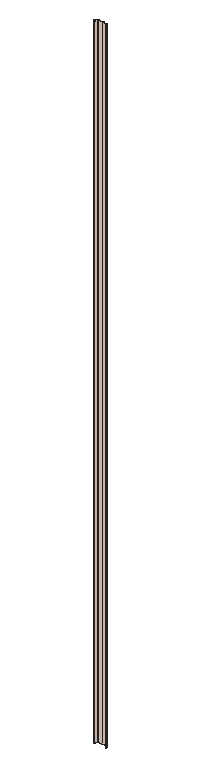
Revit family "スリムスタッド", category 機械設備, Revit 2020
Family settings
  丸型コネクタ寸法 = 直径を使用
  種別 = なし
  パーツ タイプ = 標準
  作業面ベース = いいえ
  常に垂直 = はい
  ロード時にボイドで切り取り = いいえ
  共有 = いいえ
  部屋計算ポイント = いいえ
Parameters
  製造元 = "株式会社桐井製作所"
  既定の高さ = 0 mm
  URL = "https://www.kirii.co.jp/"
  K_長さ(mm) [instance] = 3000 mm
  K_外形寸法(mm) = "W45(内寸)/W64(外寸)×H12×7×0.6"
  K_品名 = "スリムスタッド"
  K_名称 = "カビノン工法部材"
  K_バージョン情報 = "20211012"
Reference planes
  plane 1 "中心(正面/背面)": y = 0
  plane 2: z = 0
  plane 3 "中心(左/右)": x = 0
  plane 4: z = 3000
Forms (mm)
  Extrusion 1, solid
    sketch origin (0, -12, 0) x (0, 1, 0) y (-1, 0, 0)
      loop
        line (0.6, 26.683) -> (0.8, 31.251) -> (0.8, 26.504)
        arc (0.8, 26.504) -> (1.052, 25.768) -> (1.703, 25.341) r 1.2
        line (1.703, 25.341) -> (6.842, 24.026) -> (6.422, 24.753) -> (1.851, 25.922)
        arc (1.851, 25.922) -> (1.526, 26.136) -> (1.4, 26.504) r 0.6
        line (1.4, 26.504) -> (1.4, 31.251)
        arc (1.4, 31.251) -> (0.7, 31.951) -> (0, 31.251) r 0.7
        line (0, 31.251) -> (0, 25.883)
        arc (0, 25.883) -> (0.252, 25.147) -> (0.903, 24.72) r 1.2
        line (0.903, 24.72) -> (10.949, 22.15)
        arc (10.949, 22.15) -> (11.274, 21.937) -> (11.4, 21.569) r 0.6
        line (11.4, 21.569) -> (11.4, 0) -> (11.4, -21.568)
        arc (11.4, -21.568) -> (11.274, -21.936) -> (10.949, -22.149) r 0.6
        line (10.949, -22.149) -> (0.903, -24.719)
        arc (0.903, -24.719) -> (0.252, -25.146) -> (0, -25.882) r 1.2
        line (0, -25.882) -> (0, -31.25)
        arc (0, -31.25) -> (0.7, -31.95) -> (1.4, -31.25) r 0.7
        line (1.4, -31.25) -> (1.4, -26.503)
        arc (1.4, -26.503) -> (1.526, -26.135) -> (1.851, -25.922) r 0.6
        line (1.851, -25.922) -> (6.432, -24.75) -> (6.851, -24.023) -> (1.703, -25.34)
        arc (1.703, -25.34) -> (1.052, -25.767) -> (0.8, -26.503) r 1.2
        line (0.8, -26.503) -> (0.8, -31.25) -> (0.6, -26.682) -> (0.6, -25.882)
        arc (0.6, -25.882) -> (0.726, -25.514) -> (1.051, -25.301) r 0.6
        line (1.051, -25.301) -> (11.097, -22.73)
        arc (11.097, -22.73) -> (11.748, -22.304) -> (12, -21.568) r 1.2
        line (12, -21.568) -> (12, 0) -> (12, 21.569)
        arc (12, 21.569) -> (11.748, 22.305) -> (11.097, 22.731) r 1.2
        line (11.097, 22.731) -> (1.051, 25.301)
        arc (1.051, 25.301) -> (0.726, 25.515) -> (0.6, 25.883) r 0.6
        line (0.6, 25.883) -> (0.6, 26.683)
    from 0 to 3000
Dimensions and locks
  "K_長さ(mm)": plane 4 to plane 2
  aligned and locked: level to plane 2
  aligned and locked: plane 4 to Extrusion 1
Automatic sketch dimensions
  Extrusion 1 sketch curve to Extrusion 1 sketch curve = 0 mm  (x14)
  Extrusion 1 sketch curve to plane 3 "中心(左/右)" = 0 mm  (x2)
  plane 1 "中心(正面/背面)" to Extrusion 1 sketch curve = 0 mm
  plane 1 "中心(正面/背面)" to Extrusion 1 sketch curve = 0.6 mm
  plane 1 "中心(正面/背面)" to Extrusion 1 sketch curve = 0.903 mm  (x2)
  Extrusion 1 sketch curve to Extrusion 1 sketch curve = 0.149 mm  (x11)
  Extrusion 1 sketch curve to Extrusion 1 sketch curve = 0.6 mm  (x5)
  Extrusion 1 sketch curve to Extrusion 1 sketch curve = 4.246 mm
  Extrusion 1 sketch curve to Extrusion 1 sketch curve = 4.255 mm
  Extrusion 1 sketch curve to Extrusion 1 sketch curve = 0.42 mm  (x2)
  Extrusion 1 sketch curve to Extrusion 1 sketch curve = 4.422 mm
  Extrusion 1 sketch curve to Extrusion 1 sketch curve = 4.432 mm
  Extrusion 1 sketch curve to Extrusion 1 sketch curve = 0.2 mm  (x3)
  Extrusion 1 sketch curve to Extrusion 1 sketch curve = 0.651 mm
  Extrusion 1 sketch curve to Extrusion 1 sketch curve = 0.1 mm  (x2)
  plane 3 "中心(左/右)" to Extrusion 1 sketch curve = 21.568 mm
  Extrusion 1 sketch curve to Extrusion 1 sketch curve = 1.293 mm
  Extrusion 1 sketch curve to Extrusion 1 sketch curve = 0.696 mm
  Extrusion 1 sketch curve to Extrusion 1 sketch curve = 0.727 mm  (x2)
  Extrusion 1 sketch curve to Extrusion 1 sketch curve = 0.04 mm  (x2)
  Extrusion 1 sketch curve to Extrusion 1 sketch curve = 0.179 mm  (x2)
  Extrusion 1 sketch curve to Extrusion 1 sketch curve = 4.568 mm  (x2)
  Extrusion 1 sketch curve to plane 3 "中心(左/右)" = 21.568 mm
  Extrusion 1 sketch curve to Extrusion 1 sketch curve = 1.295 mm
  Extrusion 1 sketch curve to Extrusion 1 sketch curve = 0.694 mm
